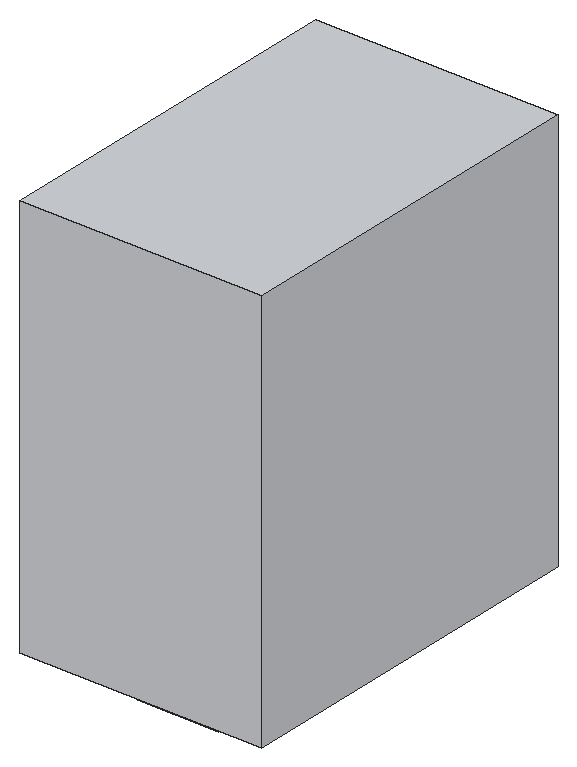
Revit family
Parameters
  Warranty Duration (Years) = 0
  Unit Width [instance] = 1' - 5 1/4"
  Unit Height [instance] = 4' - 8"
  Unit Depth = 0' - 0 1/4"
  URL = "http://www.americanspecialties.com/viewCategories.cfm"
  Trim Material = Metal - Stainless Steel
  Test Data = ""
  Specification = "http://www.arcat.com/sdspecs/htm/10810asi.htm"
  SpecWizard = ""
  Send Message = "http://www.arcat.com/users.pl?action=UserEmail&company=American%20Specialties,%20Inc.&coid=30448&rep=139&fax=914-476-0688&mf="
  Sales Information = "http://www.americanspecialties.com/contact"
  Revision = "R1_10-2010"
  Product Properties = "http://www.americanspecialties.com/datasheets/04697-BL.pdf"
  Product Data = "http://www.arcat.com/arcatcos/cos30/arc30448.html"
  Model = "As Specified in 10 28 13"
  Manufacturer Website = "http://www.americanspecialties.com/viewCategories.cfm"
  Manufacturer Phone - Toll Free = ""
  Manufacturer Phone = "914-476-9000 "
  Manufacturer Fax = "914-476-0688"
  Manufacturer Address = "441 Saw Mill River Rd., Yonkers, NY 10701"
  Manufacturer = "American Specialties, Inc."
  Maintenance Schedule (Months) = 0
  Keynote = "10 28 13"
  Installation-Fabrication = "http://www.americanspecialties.com/products.cfm"
  Green Building-LEED = ""
  Expected Lifespan (Years) = 0
  Drawn By = "Robert S. Weygant. CSI, CDT, SCIP"  # constant formula
  Description = "Toilet Accessory as Specified in 10 28 13"
  Default Elevation = 4' - 0"
  Copyright = "©Arcat Inc."
  Construction Details = "http://www.arcat.com/green/clients/leed_data_30448.html"
  Building Codes = "http://www.americanspecialties.com/products.cfm"
  Body Material = Metal - Stainless Steel
  Assembly Code = "C1030210"
Reference planes (in)
  plane 1 "Center (Front/Back)": y = -0.29112
  plane 2 "Floor Line": z = 0
  plane 3 "Center (Left/Right)": x = -0.65843
Forms (in)
  Extrusion 1, solid
    sketch origin (-3, -9, -6) x (0, 0, -1) y (1, 0, 0)
      loop
        line (-82, 26) -> (-82, -19.34712) -> (-6, -19.34712) -> (-6, 26) -> (-82, 26)
    from 28.29112 to -41.06337
  Extrusion 2, solid, material "Metal - Stainless Steel" <- "Body Material"
    sketch origin (0, 4, 0) x (1, 0, 0) y (0, 1, 0)
      loop
        line (-8.28343, 22.70888) -> (-8.28343, -31.29112) -> (6.96657, -31.29112) -> (6.96657, 22.70888) -> (-8.28343, 22.70888)
    from 0 to -7.25
  Extrusion 3, solid, material "Metal - Stainless Steel" <- "Body Material"
    sketch origin (-0.90625, -0.29112, 0) x (1, 0, 0) y (0, 0, 1)
      loop
        line (-8.37718, 0) -> (8.87282, 0) -> (8.87282, 0.25) -> (-8.37718, 0.25) -> (-8.37718, 0)
    from -28 to 28
  Extrusion 4, void
    sketch origin (-0.65843, 6.99967, 0) x (0, 1, 0) y (0, 0, 1)
      loop
        line (-1.96119, -6.92367) -> (2.70888, 0) -> (2.70888, 0.9375) -> (-11.29079, 0.9375) -> (-11.29079, -6.92367)
        arc (-11.29079, -6.92367) -> (-10.07216, -6.39842) -> (-8.85354, -6.92367) r 1.67628
        line (-8.85354, -6.92367) -> (-1.96119, -6.92367)
    from -7.59375 to 7.59375
  Extrusion 5, void
    sketch origin (-36.75, 0.72623, 3.05372) x (1, 0, 0) y (0, 0.559193, 0.829038)
      loop
        arc (36.9789, -1.93171) -> (37.15918, -1.6799) -> (36.96663, -1.43734) r 0.25717
        line (36.96663, -1.43734) -> (36.21387, -1.43734)
        arc (36.21387, -1.43734) -> (33.33353, -0.76588) -> (30.45405, -1.44101) r 6.49582
        line (30.45405, -1.44101) -> (29.69611, -1.44101)
        arc (29.69611, -1.44101) -> (29.51617, -1.68772) -> (29.69972, -1.93175) r 0.25651
        line (29.69972, -1.93175) -> (30.47907, -1.93175)
        arc (30.47907, -1.93175) -> (33.3416, -2.19917) -> (36.20414, -1.93171) r 15.453
        line (36.20414, -1.93171) -> (36.9789, -1.93171)
    from -9.32112 to -9.1543
  Extrusion 6, solid, material "Metal - Stainless Steel" <- "Trim Material"
    sketch origin (-1.125, 0, -0.4375) x (1, 0, 0) y (0, 1, 0)
      loop
        circle (-5.15843, 17.70888) r 0.5
      loop
        line (-5.21525, 17.29024) -> (-5.10162, 17.29024) -> (-5.10162, 18.13975) -> (-5.21525, 18.13975) -> (-5.21525, 17.29024)
    from 0.6875 to 0.76916
  Extrusion 7, solid, material "Metal - Stainless Steel" <- "Body Material"
    sketch origin (0, 0, 0) x (1, 0, 0) y (0, 1, 0)
      loop
        line (-8.28343, 26.70888) -> (-8.28343, 9.70856) -> (6.96657, 9.70856) -> (6.96657, 26.70888) -> (-8.28343, 26.70888)
    from 0 to 0.25
  Extrusion 8, solid, material "Metal - Stainless Steel" <- "Body Material"
    sketch origin (0, 4, 4.5) x (1, 0, 0) y (0, 1, 0)
      loop
        line (-8.28343, -8.29112) -> (-8.28343, -31.29112) -> (6.96657, -31.29112) -> (6.96657, -8.29112) -> (-8.28343, -8.29112)
    from 0.25 to -11.5
  Extrusion 9, void
    sketch origin (0, 0, 0) x (1, 0, 0) y (0, 1, 0)
      loop
        line (-8.25218, -4.29112) -> (-8.25218, -27.26063) -> (6.93532, -27.26063) -> (6.93532, -4.29112) -> (-8.25218, -4.29112)
    from -6.98467 to 4.74129
  Extrusion 10, solid
    sketch origin (0, -0.31703, -2.97892) x (1, 0, 0) y (0, 1, 0)
      loop
        circle (-0.65843, -2.73301) r 0.5
      loop
        line (-0.71525, -2.31436) -> (-0.71525, -3.16387) -> (-0.60162, -3.16387) -> (-0.60162, -2.31436) -> (-0.71525, -2.31436)
    from -3.50004 to -3.27108
  Extrusion 11, void
    sketch origin (0, 0, 0) x (1, 0, 0) y (0, 1, 0)
      loop
        line (-8.28343, 26.70888) -> (-8.28343, -27.26063) -> (6.93532, -27.26063) -> (6.93532, 26.70888) -> (-8.28343, 26.70888)
    from 0 to -7.25
Cuts and joins
  Extrusion 4, Extrusion 5, Extrusion 9 cuts Extrusion 2
  Extrusion 4, Extrusion 9 cuts Extrusion 3
  Extrusion 9 cuts Extrusion 6
  Extrusion 9 cuts Extrusion 8
Dimensions and locks (in)
  Extrusion 3 sketch curve to Extrusion 3 sketch curve = 1' - 5 1/4"
  aligned and locked: Extrusion 1 to level
  aligned and locked: cut or joined group of Extrusion 2, Extrusion 4, Extrusion 5, Extrusion 9 to cut or joined group of Extrusion 3, Extrusion 4, Extrusion 9
